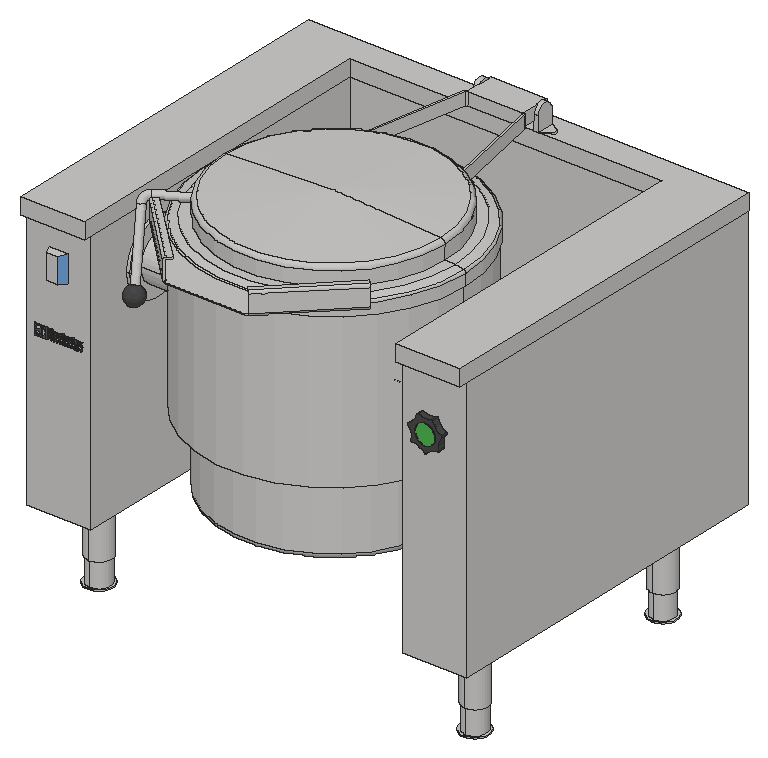
Revit family "QF_ELECTROLUXPROFESSIONAL_587186_PBOT06TCJO", category Attrezzature speciali, Revit 2020
Family settings
  Quota connettore circolare = Usa diametro
  Tipo di parte = Normale
  Basato su piano di lavoro = No
  Sempre verticale = Sì
  Taglio con vuoti quando caricato = No
  Condiviso = No
  Punto di calcolo locali = No
Parameters (values of type "Standard")
  Weight = 170.00 kg
  Watts = 200 W
  Volts = 230 V
  URL Manufacturer = "https://www.electroluxprofessional.com/"
  URL = "https://www.electroluxprofessional.com/"
  Steam Supply Size = 25.4 mm
  Steam Supply Minimum Pressure = 3.28084 Pa
  Steam Supply Maximum Pressure = 4.92126 Pa
  Steam Consumption per Hour = 40
  Refrigeration Suction Line Size = 0.0 mm
  Refrigeration Liquid Line Size = 0.0 mm
  Refrigerant Compressor Remote = yes
  Prospetto di default = 0.0 mm
  Produttore = "Electrolux Professional"
  Phase = 1
  Modello = "PBOT06TCJO"
  Length Actual = 1100.0 mm  # constant formula
  Item Number = "587186"
  Hot Water Size = 12.7 mm
  Height Actual = 700.0 mm  # constant formula
  HP = "0.3 HP"
  Gas Size = 0 mm
  Gas KW = 0
  Gas Input Pressure = 0 W
  Direct Waste Size = 0 mm
  Descrizione = "STEAM (MAN) BOILING PAN, TILTING,60LT,230V,FS,MARINE"
  Depth Actual = 900.0 mm  # constant formula
  Cycle = 50 Hz
  Condensate Return Size = 25.4 mm
  Compressed Air Volume = 0.0 L/s
  Compressed Air Size = 0 mm
  Compressed Air Pressure = 0.0 Pa
  Cold Water Size = 12.7 mm
  Accessory = yes
Reference planes
  plane 1 "Center (Front/Back)": y = 0
  plane 2: z = 0
  plane 3 "Center (Left/Right)": x = 0
  plane 4 "LEFT": x = -550
  plane 5 "RIGHT": x = 550
  plane 6 "BACK": y = 450
  plane 7 "FRONT": y = -450
  plane 8 "Base": z = 200
  plane 9 "TOP": z = 900
  plane 10: x = -390
  plane 11: x = 390
  plane 12 "Axe_PentolaY": y = -230
  plane 13 "AxePentolaZ": z = 730
  plane 14 "PLANE_TOP": z = 860
  plane 15: y = 380
  plane 16: x = -324.5
  plane 17: z = 880
  plane 18: z = 495
  plane 19: z = 295
  plane 20: x = -278.5
  plane 21: y = -558
  plane 22 "CentroPentolaY": y = -158
  plane 23 "TopCoperchio": z = 981
  plane 24 "Versamento": z = 910
  plane 25 "V1": through (-107.18, -558, 4000) normal (-0.7071, -0.7071, 0)
  plane 26 "V2": through (107.18, -558, 4000) normal (-0.7071, 0.7071, 0)
  plane 27 "Gfront": y = -1300
  plane 28 "LEVEL": through (-245.562, -289.383, 4000) normal (0.866, 0.5, 0)
  plane 29 "GRight": x = 250
  plane 30 "GLeft": x = -250
  plane 31 "Gback": y = -100
  plane 32: z = 1756
  plane 33 "Ribaltamento": y = -623
  plane 34: x = -470
  plane 35: x = 470
Forms (mm)
  Revolve 1, solid, material "QF_Finishes_Stainless Steel"
    sketch origin (0, 0, 730) x (-1, 0, 0) y (0, -1, 0)
      loop
        line (390, 230) -> (-390, 230) -> (-390, 140) -> (-380, 140) -> (-380, 173) -> (380, 173) -> (380, 140) -> (390, 140) -> (390, 230)
      axis (390, 230) -> (-390, 230)
    angle from 0 to 360
  Extrusion 2, solid, material "QF_Finishes_Stainless Steel"
    sketch origin (0, 0, 860) x (-1, 0, 0) y (0, -1, 0)
      loop
        line (550, 450) -> (390, 450) -> (390, -380) -> (-390, -380) -> (-390, 450) -> (-550, 450) -> (-550, -450) -> (550, -450) -> (550, 450)
    from 0 to 40
  Extrusion 3, solid, material "QF_Finishes_Stainless Steel"
    sketch origin (0, 0, 860) x (-1, 0, 0) y (0, -1, 0)
      loop
        line (390, -380) -> (-390, -380) -> (-390, -450) -> (390, -450) -> (390, -380)
    from 0 to -360
  Revolve 4, solid, material "QF_Finishes_Stainless Steel"
    sketch origin (0, -158, 0) x (-1, 0, 0) y (0, 0, 1)
      loop
        line (0, 880) -> (0, 295)
        arc (0, 295) -> (134.311, 298.607) -> (268.234, 309.425) r 2500
        arc (268.234, 309.425) -> (275.557, 313.176) -> (278.5, 320.859) r 11.5
        line (278.5, 320.859) -> (278.5, 495) -> (324.5, 495) -> (324.5, 880) -> (0, 880)
      axis (0, 880) -> (0, 295)
    angle from 0 to 360
  Revolve 5, solid, material "QF_Finishes_Stainless Steel"
    sketch origin (0, -158, 0) x (-1, 0, 0) y (0, 0, 1)
      loop
        line (329.5, 880) -> (329.5, 908.417)
        arc (329.5, 908.417) -> (328.283, 912.04) -> (325.126, 914.193) r 6
        line (325.126, 914.193) -> (304.5, 920) -> (278.5, 920) -> (278.5, 954.728)
        arc (278.5, 954.728) -> (275.569, 962.398) -> (268.269, 966.158) r 11.5
        arc (268.269, 966.158) -> (134.339, 977.287) -> (0, 981) r 2431.82
        line (0, 981) -> (0, 880) -> (329.5, 880)
      axis (0, 981) -> (0, 880)
    angle from 0 to 360
  Extrusion 6, solid, material "QF_Finishes_Stainless Steel"
    sketch origin (0, 0, 910) x (-1, 0, 0) y (0, -1, 0)
      loop
        line (252.412, 369.799) -> (271.162, 385.532) -> (98.694, 558) -> (-98.694, 558) -> (-102.937, 553.757) -> (-271.162, 385.532) -> (-252.412, 369.799)
        arc (-252.412, 369.799) -> (0, 487.5) -> (252.412, 369.799) r 329.5
    from 0 to 3
  Sweep 7, solid, material "QF_Finishes_Stainless Steel"
    path origin (0, 0, 910) x (-1, 0, 0) y (0, -1, 0)
      loop
        line (107.18, 558) -> (275.776, 389.404)
    profile origin (-191.478, -473.702, 910) x (-0.707107, -0.707107, 0) y (0, 0, 1)
      loop
        arc (-6, 0) -> (-1.757, 1.757) -> (0, 6) r 6
        line (0, 6) -> (0, 50)
        arc (0, 50) -> (-1.757, 54.243) -> (-6, 56) r 6
        line (-6, 56) -> (-19, 56) -> (-19, 53) -> (-6, 53)
        arc (-6, 53) -> (-3.879, 52.121) -> (-3, 50) r 3
        line (-3, 50) -> (-3, 6)
        arc (-3, 6) -> (-3.879, 3.879) -> (-6, 3) r 3
        line (-6, 3) -> (-19, 3) -> (-19, 0) -> (-6, 0)
  Sweep 8, solid, material "QF_Finishes_Stainless Steel"
    path origin (0, 0, 910) x (-1, 0, 0) y (0, -1, 0)
      loop
        line (-107.18, 558) -> (-275.776, 389.404)
    profile origin (191.478, -473.702, 910) x (-0.707107, 0.707107, 0) y (0, 0, 1)
      loop
        arc (0, 6) -> (1.757, 1.757) -> (6, 0) r 6
        line (6, 0) -> (19, 0) -> (19, 3) -> (6, 3)
        arc (6, 3) -> (3.879, 3.879) -> (3, 6) r 3
        line (3, 6) -> (3, 50)
        arc (3, 50) -> (3.879, 52.121) -> (6, 53) r 3
        line (6, 53) -> (19, 53) -> (19, 56) -> (6, 56)
        arc (6, 56) -> (1.757, 54.243) -> (0, 50) r 6
        line (0, 50) -> (0, 6)
  Extrusion 9, solid, material "QF_Finishes_Stainless Steel"
    sketch origin (0, 0, 0) x (0, 1, 0) y (0, 0, 1)
      loop
        line (420, 900) -> (420, 938.813)
        arc (420, 938.813) -> (400, 958.813) -> (380, 938.813) r 20
        line (380, 938.813) -> (380, 900) -> (420, 900)
    from -70 to -82
  Extrusion 10, solid, material "QF_Finishes_Stainless Steel"
    sketch origin (0, 0, 900) x (0, 1, 0) y (-1, 0, 0)
      loop
        arc (340.954, 71.665) -> (343.858, 69.937) -> (345, 66.757) r 5
        line (345, 66.757) -> (345, -66.757)
        arc (345, -66.757) -> (343.858, -69.937) -> (340.954, -71.665) r 5
        line (340.954, -71.665) -> (93.426, -119.779)
        arc (93.426, -119.779) -> (92.062, -122.602) -> (90.666, -125.409) r 278.5
        line (90.666, -125.409) -> (341.908, -76.573)
        arc (341.908, -76.573) -> (346.566, -74.299) -> (349.459, -70) r 10
        line (349.459, -70) -> (420, -70) -> (420, 70) -> (349.459, 70)
        arc (349.459, 70) -> (346.566, 74.299) -> (341.908, 76.573) r 10
        line (341.908, 76.573) -> (90.666, 125.409)
        arc (90.666, 125.409) -> (92.062, 122.602) -> (93.426, 119.779) r 278.5
        line (93.426, 119.779) -> (340.954, 71.665)
    from 23.419 to 54.644
  Extrusion 11, solid, material "QF_Finishes_Stainless Steel"
    sketch origin (0, 0, 0) x (0, 1, 0) y (0, 0, 1)
      loop
        line (420, 900) -> (420, 938.813)
        arc (420, 938.813) -> (400, 958.813) -> (380, 938.813) r 20
        line (380, 938.813) -> (380, 900) -> (420, 900)
    from 70 to 82
  Extrusion 12, solid, material "QF_Finishes_Stainless Steel"
    sketch origin (0, 0, 900) x (0, 1, 0) y (-1, 0, 0)
      loop
        arc (391.973, -103.927) -> (400, -108.689) -> (408.027, -103.927) r 9.146
        line (408.027, -103.927) -> (420, -82) -> (380, -82) -> (391.973, -103.927)
      loop
        line (391.973, 103.927) -> (380, 82) -> (420, 82) -> (408.027, 103.927)
        arc (408.027, 103.927) -> (400, 108.689) -> (391.973, 103.927) r 9.146
    from 0 to 3
  Extrusion 13, solid, material "QF_Door-Drawer Clearances", detail levels coarse
    sketch origin (0, 0, 0) x (0, 1, 0) y (0, 0, 1)
      loop
        line (420, 954.644) -> (-100, 1756.433)
        arc (-100, 1756.433) -> (-429.239, 1419.298) -> (-558, 966) r 958.386
        line (-558, 966) -> (-427.491, 966)
        arc (-427.491, 966) -> (-426.775, 966.163) -> (-426.05, 966.281) r 12.073
        arc (-426.05, 966.281) -> (-158, 981) -> (110.05, 966.281) r 2448.189
        arc (110.05, 966.281) -> (117.432, 962.392) -> (120.529, 954.644) r 12.073
        line (120.529, 954.644) -> (420, 954.644)
    from -125 to 125
  Extrusion 14, solid, material "QF_Door-Drawer Clearances", detail levels coarse
    sketch origin (0, 0, 0) x (0, 1, 0) y (0, 0, 1)
      loop
        arc (-558, 946.483) -> (-618.885, 673.279) -> (-482.5, 428.848) r 393
        line (-482.5, 428.848) -> (-482.5, 880) -> (-487.5, 880) -> (-487.5, 910) -> (-553.757, 910)
        spline (-553.757, 910) -> (-554.311, 910.051) -> (-554.855, 910.204) -> (-555.381, 910.457) -> (-555.879, 910.804) -> (-556.34, 911.24) -> (-556.757, 911.757) -> (-557.123, 912.347) -> (-557.432, 913) -> (-557.677, 913.704) -> (-557.855, 914.447) -> (-557.964, 915.217) -> (-558, 916)
        line (-558, 916) -> (-558, 946.483)
    from -100 to 100
Cuts and joins
  joined: Extrusion 6, Sweep 7, Sweep 8
Lines and regions (mm)
  symbolic lines
    curve 1: line (550, 450, 900) -> (-550, 450, 900)
    curve 2: line (550, -450, 900) -> (550, 450, 900)
    curve 3: line (-550, 450, 900) -> (-550, -450, 900)
    curve 4: line (-550, -450, 900) -> (-390, -450, 900)
    curve 5: line (-390, -450, 900) -> (-390, 380, 900)
    curve 6: line (390, 380, 900) -> (390, -450, 900)
    curve 7: line (390, -450, 900) -> (550, -450, 900)
    curve 8: line (380, -140, 900) -> (380, -320, 900)
    curve 9: line (-380, -140, 900) -> (-380, -320, 900)
    curve 10: arc (329.5, -158, 900) -> (0, 171.5, 900) -> (-329.5, -158, 900) r 329.5
    curve 11: arc (-280.749, -330.483, 900) -> (285.355, 6.75, 900) -> (-289.749, -314.894, 900) r 329.5
    curve 12: circle (0, -158, 900) r 278.5 normal (0, 0, 1)
    curve 13: arc (-259.09, -317.978, 900) -> (263.705, -5.75, 900) -> (-268.09, -302.389, 900) r 304.5
    curve 14: line (-380, -140, 900) -> (-390, -140, 900)
    curve 15: line (-380, -320, 900) -> (-390, -320, 900)
    curve 16: line (380, -140, 900) -> (390, -140, 900)
    curve 17: line (380, -320, 900) -> (390, -320, 900)
    curve 18: line (-70, 349.459, 900) -> (-70, 420, 900)
    curve 19: line (-82, 420, 900) -> (82, 420, 900)
    curve 20: line (70, 420, 900) -> (70, 349.459, 900)
    curve 21: line (-119.779, 93.426, 900) -> (-71.665, 340.954, 900)
    curve 22: line (-76.573, 341.908, 900) -> (-125.409, 90.666, 900)
    curve 23: line (71.665, 340.954, 900) -> (119.779, 93.426, 900)
    curve 24: line (-66.757, 345, 900) -> (66.757, 345, 900)
    curve 25: line (125.409, 90.666, 900) -> (76.573, 341.908, 900)
    curve 26: arc (-70, 349.459, 900) -> (-74.299, 346.566, 900) -> (-76.573, 341.908, 900) r 10
    curve 27: arc (-71.665, 340.954, 900) -> (-69.937, 343.858, 900) -> (-66.757, 345, 900) r 5
    curve 28: arc (66.757, 345, 900) -> (69.937, 343.858, 900) -> (71.665, 340.954, 900) r 5
    curve 29: arc (76.573, 341.908, 900) -> (74.299, 346.566, 900) -> (70, 349.459, 900) r 10
    curve 30: line (107.18, -558, 900) -> (-107.18, -558, 900)
    curve 31: line (-107.18, -558, 900) -> (-275.776, -389.404, 900)
    curve 32: line (-275.776, -389.404, 900) -> (-262.341, -375.969, 900)
    curve 33: line (-262.341, -375.969, 900) -> (-93.745, -544.565, 900)
    curve 34: line (-93.745, -544.565, 900) -> (-107.18, -558, 900)
    curve 35: line (107.18, -558, 900) -> (93.745, -544.565, 900)
    curve 36: line (93.745, -544.565, 900) -> (262.341, -375.969, 900)
    curve 37: line (262.341, -375.969, 900) -> (275.776, -389.404, 900)
    curve 38: line (275.776, -389.404, 900) -> (107.18, -558, 900)
    curve 39: line (261.166, -377.144, 900) -> (252.412, -369.799, 900)
    curve 40: line (-261.166, -377.144, 900) -> (-252.412, -369.799, 900)
    curve 41: line (-103.927, 391.973, 900) -> (-82, 380, 900)
    curve 42: arc (-103.927, 408.027, 900) -> (-108.689, 400, 900) -> (-103.927, 391.973, 900) r 9.146
    curve 43: line (-82, 420, 900) -> (-103.927, 408.027, 900)
    curve 44: line (-82, 420, 900) -> (-82, 380, 900)
    curve 45: line (82, 380, 900) -> (82, 420, 900)
    curve 46: line (103.927, 408.027, 900) -> (82, 420, 900)
    curve 47: arc (103.927, 391.973, 900) -> (108.689, 400, 900) -> (103.927, 408.027, 900) r 9.146
    curve 48: line (82, 380, 900) -> (103.927, 391.973, 900)
    curve 54: line (-390, 380, 900) -> (-70, 380, 900)
    curve 55: line (390, 380, 900) -> (70, 380, 900)
    curve 56: line (-380, -172.761, 900) -> (-329.169, -172.761, 900)
    curve 57: line (-380, -286.868, 900) -> (-303.254, -286.868, 900)
    curve 58: line (380, -172.761, 900) -> (329.169, -172.761, 900)
    curve 59: line (380, -286.868, 900) -> (303.254, -286.868, 900)
  symbolic lines, style "SpecialityEquipmentHiddenLines"
    curve 49: line (-250, -1300, 900) -> (250, -1300, 900)
    curve 50: line (-250, -100, 900) -> (-250, -1300, 900)
    curve 51: line (250, -100, 900) -> (-250, -100, 900)
    curve 52: line (250, -1300, 900) -> (250, -100, 900)
    curve 76: line (0, -1165.484, 900) -> (0, -1135.484, 900)
    curve 77: line (-15, -1150.484, 900) -> (15, -1150.484, 900)
  symbolic lines, style "SpecialityEquipment"
    curve 53: circle (0, -1150.484, 900) r 15 normal (0, 0, 1)
    curve 60: line (210, -1300, 900) -> (210, -1100, 900)
    curve 61: line (170, -1300, 900) -> (170, -1140, 900)
    curve 62: line (130, -1300, 900) -> (130, -1180, 900)
    curve 63: line (90, -1300, 900) -> (90, -1220, 900)
    curve 64: line (90, -1260, 900) -> (250, -1260, 900)
    curve 65: line (130, -1220, 900) -> (250, -1220, 900)
    curve 66: line (170, -1180, 900) -> (250, -1180, 900)
    curve 67: line (210, -1140, 900) -> (250, -1140, 900)
    curve 68: line (-210, -1300, 900) -> (-210, -1100, 900)
    curve 69: line (-170, -1300, 900) -> (-170, -1140, 900)
    curve 70: line (-130, -1300, 900) -> (-130, -1180, 900)
    curve 71: line (-90, -1300, 900) -> (-90, -1220, 900)
    curve 72: line (-90, -1260, 900) -> (-250, -1260, 900)
    curve 73: line (-130, -1220, 900) -> (-250, -1220, 900)
    curve 74: line (-170, -1180, 900) -> (-250, -1180, 900)
    curve 75: line (-210, -1140, 900) -> (-250, -1140, 900)
Dimensions and locks
  plane 4 "LEFT" to plane 5 "RIGHT" = 1100.0 mm
  equal spacing: plane 4 "LEFT", plane 3 "Center (Left/Right)", plane 5 "RIGHT"
  equal spacing: plane 6 "BACK", plane 1 "Center (Front/Back)", plane 7 "FRONT"
  plane 6 "BACK" to plane 7 "FRONT" = 900.0 mm
  plane 8 "Base" to level = 200.0 mm
  plane 9 "TOP" to level = 900.0 mm
  plane 9 "TOP" to plane 8 "Base" = 700.0 mm
  locked: plane 4 "LEFT" to plane 10 at 160
  locked: plane 11 to plane 5 "RIGHT" at 160
  locked: plane 6 "BACK" to plane 12 "Axe_PentolaY" at 680
  locked: plane 13 "AxePentolaZ" to plane 8 "Base" at 530
  locked: Revolve 1 sketch curve to Revolve 1 sketch curve at 57
  locked: Revolve 1 sketch curve to Revolve 1 sketch curve at 90
  locked: plane 10 to Revolve 1 sketch curve at 10
  locked: Revolve 1 sketch curve to plane 11 at 10
  locked: plane 9 "TOP" to plane 14 "PLANE_TOP" at 40
  plane 6 "BACK" to plane 15 = 70.0 mm
  locked: plane 17 to plane 13 "AxePentolaZ" at 150
  locked: plane 13 "AxePentolaZ" to plane 18 at 235
  locked: plane 18 to plane 19 at 200
  locked: plane 3 "Center (Left/Right)" to plane 16 at 324.5
  locked: plane 3 "Center (Left/Right)" to plane 20 at 278.5
  Revolve 5 sketch curve to plane 17 = 40.0 mm
  locked: plane 16 to Revolve 5 sketch curve at 5
  plane 6 "BACK" to plane 21 = 1008.0 mm
  locked: plane 6 "BACK" to plane 22 "CentroPentolaY" at 608
  locked: plane 23 "TopCoperchio" to plane 9 "TOP" at 81
  locked: plane 24 "Versamento" to level at 910
  plane 6 "BACK" to plane 27 "Gfront" = 1750.0 mm
  locked: plane 30 "GLeft" to plane 3 "Center (Left/Right)" at 250
  locked: plane 3 "Center (Left/Right)" to plane 29 "GRight" at 250
  plane 6 "BACK" to plane 31 "Gback" = 550.0 mm
  plane 32 to plane 9 "TOP" = 856.0 mm
  plane 6 "BACK" to plane 33 "Ribaltamento" = 1073.0 mm
  equal spacing: plane 10, plane 34, plane 4 "LEFT"
  equal spacing: plane 5 "RIGHT", plane 35, plane 11
  aligned and locked: level to plane 2
  aligned and locked: plane 5 "RIGHT" to nested 2
  aligned and locked: plane 4 "LEFT" to nested 1
  aligned and locked: plane 8 "Base" to nested 1
  aligned and locked: plane 8 "Base" to nested 2
  aligned and locked: plane 6 "BACK" to nested 2
  aligned and locked: plane 6 "BACK" to nested 1
  aligned and locked: plane 10 to Revolve 1 sketch curve
  aligned and locked: plane 11 to Revolve 1 sketch curve
  aligned and locked: plane 4 "LEFT" to Extrusion 2 sketch curve
  aligned and locked: Extrusion 2 sketch curve to plane 10
  aligned and locked: plane 7 "FRONT" to Extrusion 2 sketch curve  (x2)
  aligned and locked: Extrusion 2 sketch curve to plane 5 "RIGHT"
  aligned and locked: plane 11 to Extrusion 2 sketch curve
  aligned and locked: Extrusion 2 sketch curve to plane 6 "BACK"
  aligned and locked: plane 15 to Extrusion 2 sketch curve
  aligned and locked: Extrusion 3 sketch curve to plane 10
  aligned and locked: plane 6 "BACK" to Extrusion 3 sketch curve
  aligned and locked: plane 11 to Extrusion 3 sketch curve
  aligned and locked: Extrusion 3 sketch curve to plane 15
  aligned and locked: plane 3 "Center (Left/Right)" to Revolve 4 sketch curve
  aligned and locked: Revolve 4 sketch curve to plane 20
  aligned and locked: Revolve 4 sketch curve to plane 18
  aligned and locked: Revolve 4 sketch curve to plane 16
  aligned and locked: plane 17 to Revolve 4 sketch curve
  aligned and locked: Revolve 5 sketch curve to plane 17
  aligned and locked: Extrusion 9 sketch curve to plane 15
  aligned and locked: Extrusion 9 sketch curve to Extrusion 2
  aligned and locked: curve 49 to plane 27 "Gfront"
  aligned and locked: curve 50 to plane 30 "GLeft"
  aligned and locked: plane 29 "GRight" to curve 52
  aligned and locked: plane 31 "Gback" to curve 51
  aligned and locked: plane 34 to nested 3
  aligned and locked: plane 35 to nested 4
Automatic sketch dimensions
  Revolve 1 sketch curve to plane 12 "Axe_PentolaY" = 0.0 mm  (x2)
  plane 22 "CentroPentolaY" to Revolve 1 sketch curve = 18.0 mm
  plane 5 "RIGHT" to Revolve 1 sketch curve = 432.098 mm
  Revolve 1 sketch curve to plane 4 "LEFT" = 580.148 mm
  Revolve 4 sketch curve to plane 3 "Center (Left/Right)" = 0.0 mm
  Revolve 4 sketch curve to plane 19 = 0.0 mm
  Revolve 4 sketch curve to plane 3 "Center (Left/Right)" = 0.059 mm
  Revolve 4 sketch curve to Revolve 4 sketch curve = 11.5 mm
  plane 19 to Revolve 4 sketch curve = 25.859 mm
  plane 23 "TopCoperchio" to Revolve 4 sketch curve = 1814.0 mm
  level to Revolve 4 sketch curve = 60.0 mm
  plane 23 "TopCoperchio" to Revolve 4 sketch curve = 179.0 mm
  Revolve 5 sketch curve to plane 3 "Center (Left/Right)" = 0.0 mm  (x2)
  plane 20 to Revolve 5 sketch curve = 0.0 mm
  Revolve 5 sketch curve to plane 23 "TopCoperchio" = 0.0 mm
  Revolve 5 sketch curve to Revolve 5 sketch curve = 11.5 mm
  plane 16 to Revolve 5 sketch curve = 20.0 mm
  plane 16 to Revolve 5 sketch curve = 1.0 mm
  Revolve 5 sketch curve to plane 16 = 0.626 mm
  Revolve 5 sketch curve to level = 1450.82 mm
  Revolve 5 sketch curve to plane 24 "Versamento" = 1.583 mm
  Revolve 5 sketch curve to plane 23 "TopCoperchio" = 26.272 mm
  Revolve 5 sketch curve to plane 18 = 95.0 mm
  plane 23 "TopCoperchio" to Revolve 5 sketch curve = 179.0 mm
  Sweep 7 sketch curve to plane 21 = 0.0 mm
  plane 25 "V1" to Sweep 7 sketch curve = 0.0 mm  (x2)
  plane 20 to Sweep 7 sketch curve = 2.724 mm
  Sweep 7 sketch curve to Sweep 7 sketch curve = 0.0 mm  (x4)
  plane 24 "Versamento" to Sweep 7 sketch curve = 0.0 mm
  Sweep 7 sketch curve to profile plane = 0.0 mm
  Sweep 7 sketch curve to Sweep 7 sketch curve = 3.0 mm  (x3)
  Sweep 7 sketch curve to Sweep 7 sketch curve = 13.0 mm  (x2)
  Sweep 7 sketch curve to Sweep 7 sketch curve = 44.0 mm
  Sweep 8 sketch curve to plane 26 "V2" = 0.0 mm  (x2)
  Sweep 8 sketch curve to plane 21 = 0.0 mm
  plane 29 "GRight" to Sweep 8 sketch curve = 25.776 mm
  Sweep 8 sketch curve to Sweep 8 sketch curve = 0.0 mm  (x4)
  Sweep 8 sketch curve to profile plane = 0.0 mm
  plane 24 "Versamento" to Sweep 8 sketch curve = 0.0 mm
  Sweep 8 sketch curve to Sweep 8 sketch curve = 3.0 mm  (x2)
  Sweep 8 sketch curve to profile plane = 6.0 mm
  Sweep 8 sketch curve to Sweep 8 sketch curve = 13.0 mm  (x2)
  Sweep 8 sketch curve to Sweep 8 sketch curve = 44.0 mm
  plane 15 to Extrusion 9 sketch curve = 20.0 mm
  plane 24 "Versamento" to Extrusion 9 sketch curve = 28.813 mm
  Extrusion 10 sketch curve to Extrusion 10 sketch curve = 0.0 mm  (x6)
  Extrusion 10 sketch curve to plane 3 "Center (Left/Right)" = 0.0 mm
  Extrusion 10 sketch curve to plane 22 "CentroPentolaY" = 0.0 mm
  Extrusion 10 sketch curve to plane 1 "Center (Front/Back)" = 90.666 mm  (x2)
  Extrusion 10 sketch curve to Extrusion 10 sketch curve = 2.76 mm  (x2)
  Extrusion 10 sketch curve to plane 15 = 40.0 mm  (x2)
  Extrusion 10 sketch curve to Extrusion 10 sketch curve = 0.954 mm  (x4)
  Extrusion 10 sketch curve to Extrusion 10 sketch curve = 5.0 mm
  Extrusion 10 sketch curve to Extrusion 10 sketch curve = 4.459 mm  (x2)
  Extrusion 10 sketch curve to plane 6 "BACK" = 30.0 mm
  plane 3 "Center (Left/Right)" to Extrusion 10 sketch curve = 66.757 mm
  plane 3 "Center (Left/Right)" to Extrusion 10 sketch curve = 70.0 mm
  plane 3 "Center (Left/Right)" to Extrusion 10 sketch curve = 119.779 mm
  Extrusion 10 sketch curve to plane 3 "Center (Left/Right)" = 66.757 mm
  Extrusion 10 sketch curve to Extrusion 10 sketch curve = 3.243 mm
  Extrusion 10 sketch curve to plane 3 "Center (Left/Right)" = 119.779 mm
  Extrusion 11 sketch curve to plane 9 "TOP" = 0.0 mm
  Extrusion 11 sketch curve to plane 15 = 0.0 mm
  plane 15 to Extrusion 11 sketch curve = 20.0 mm
  plane 24 "Versamento" to Extrusion 11 sketch curve = 28.813 mm
  Extrusion 12 sketch curve to plane 15 = 0.0 mm  (x2)
  plane 15 to Extrusion 12 sketch curve = 11.973 mm  (x2)
  Extrusion 12 sketch curve to Extrusion 12 sketch curve = 8.027 mm  (x4)
  Extrusion 12 sketch curve to Extrusion 12 sketch curve = 11.973 mm  (x2)
  plane 3 "Center (Left/Right)" to Extrusion 12 sketch curve = 103.927 mm
  Extrusion 12 sketch curve to Extrusion 12 sketch curve = 4.383 mm  (x2)
  Extrusion 12 sketch curve to Extrusion 12 sketch curve = 21.927 mm
  Extrusion 12 sketch curve to plane 3 "Center (Left/Right)" = 82.0 mm
  Extrusion 12 sketch curve to Extrusion 12 sketch curve = 17.543 mm
  Extrusion 13 sketch curve to plane 22 "CentroPentolaY" = 0.0 mm
  Extrusion 13 sketch curve to plane 31 "Gback" = 0.0 mm
  plane 7 "FRONT" to Extrusion 13 sketch curve = 22.509 mm
  Extrusion 13 sketch curve to Extrusion 13 sketch curve = 3.031 mm
  Extrusion 13 sketch curve to plane 23 "TopCoperchio" = 26.686 mm
  Extrusion 13 sketch curve to plane 1 "Center (Front/Back)" = 108.46 mm
  Extrusion 13 sketch curve to Extrusion 13 sketch curve = 12.068 mm
  Extrusion 13 sketch curve to level = 1467.189 mm
  Extrusion 13 sketch curve to Extrusion 13 sketch curve = 11.686 mm
  Extrusion 13 sketch curve to Extrusion 13 sketch curve = 1.441 mm
  plane 32 to Extrusion 13 sketch curve = 0.433 mm
  Extrusion 13 sketch curve to plane 21 = 0.0 mm
  plane 15 to Extrusion 13 sketch curve = 20.0 mm
  Extrusion 13 sketch curve to Extrusion 13 sketch curve = 20.0 mm
  Extrusion 13 sketch curve to Extrusion 13 sketch curve = 15.501 mm
  Extrusion 13 sketch curve to Extrusion 13 sketch curve = 0.331 mm
  Extrusion 14 sketch curve to plane 21 = 0.0 mm
  Extrusion 14 sketch curve to plane 24 "Versamento" = 0.0 mm
  Extrusion 14 sketch curve to plane 17 = 0.0 mm
  Extrusion 14 sketch curve to plane 12 "Axe_PentolaY" = 0.0 mm
  Extrusion 14 sketch curve to plane 13 "AxePentolaZ" = 0.0 mm
  Extrusion 14 sketch curve to plane 7 "FRONT" = 37.5 mm
  Extrusion 14 sketch curve to plane 7 "FRONT" = 32.5 mm
  Extrusion 14 sketch curve to plane 18 = 66.152 mm
  plane 21 to Extrusion 14 sketch curve = 4.243 mm
  Extrusion 14 sketch curve to Extrusion 14 sketch curve = 4.243 mm
  plane 24 "Versamento" to Extrusion 14 sketch curve = 6.0 mm
  Extrusion 14 sketch curve to Extrusion 14 sketch curve = 0.0 mm
  Extrusion 6 sketch curve to plane 3 "Center (Left/Right)" = 0.0 mm
  Extrusion 6 sketch curve to plane 21 = 0.0 mm
  Extrusion 6 sketch curve to plane 22 "CentroPentolaY" = 0.0 mm
  plane 3 "Center (Left/Right)" to Extrusion 6 sketch curve = 98.694 mm
  plane 21 to Extrusion 6 sketch curve = 4.243 mm
  Extrusion 6 sketch curve to Extrusion 6 sketch curve = 4.243 mm
  plane 29 "GRight" to Extrusion 6 sketch curve = 2.412 mm
  plane 29 "GRight" to Extrusion 6 sketch curve = 21.162 mm
  Extrusion 6 sketch curve to plane 30 "GLeft" = 2.412 mm
  plane 20 to Extrusion 6 sketch curve = 7.338 mm
  plane 7 "FRONT" to Extrusion 6 sketch curve = 80.201 mm
  Extrusion 6 sketch curve to Extrusion 6 sketch curve = 15.734 mm  (x2)
  Extrusion 6 sketch curve to plane 3 "Center (Left/Right)" = 98.694 mm
  curve 10 to curve 11 = 0.0 mm  (x4)
  curve 10 to curve 12 = 0.0 mm  (x3)
  curve 10 to curve 13 = 0.0 mm  (x4)
  curve 26 to curve 27 = 0.0 mm  (x2)
  curve 28 to curve 29 = 0.0 mm  (x2)
  curve 76 to plane 3 "Center (Left/Right)" = 0.0 mm
  curve 53 to plane 3 "Center (Left/Right)" = 0.0 mm
  curve 35 to plane 21 = 0.0 mm
  curve 5 to plane 7 "FRONT" = 0.0 mm
  curve 7 to plane 5 "RIGHT" = 0.0 mm
  curve 7 to plane 7 "FRONT" = 0.0 mm
  plane 25 "V1" to curve 32 = 0.0 mm
  curve 38 to plane 26 "V2" = 0.0 mm  (x2)
  curve 17 to plane 11 = 0.0 mm
  curve 15 to plane 10 = 0.0 mm
  curve 55 to plane 15 = 0.0 mm
  curve 54 to plane 15 = 0.0 mm
  curve 2 to plane 6 "BACK" = 0.0 mm
  plane 25 "V1" to curve 31 = 0.0 mm
  curve 3 to plane 4 "LEFT" = 0.0 mm
  plane 27 "Gfront" to curve 53 = 149.516 mm
  plane 21 to curve 33 = 13.435 mm
  plane 21 to curve 35 = 13.435 mm
  plane 20 to curve 32 = 2.724 mm
  plane 29 "GRight" to curve 38 = 25.776 mm
  plane 10 to curve 9 = 10.0 mm
  curve 9 to plane 12 "Axe_PentolaY" = 90.0 mm
  curve 8 to plane 11 = 10.0 mm
  curve 8 to plane 12 "Axe_PentolaY" = 90.0 mm
  plane 22 "CentroPentolaY" to curve 8 = 18.0 mm
  plane 22 "CentroPentolaY" to curve 14 = 18.0 mm
  curve 26 to plane 15 = 40.0 mm
  curve 28 to plane 15 = 40.0 mm
  curve 26 to curve 21 = 0.954 mm
  curve 28 to curve 23 = 0.954 mm
  curve 27 to curve 22 = 0.954 mm
  curve 28 to curve 25 = 0.954 mm
  curve 26 to curve 24 = 5.0 mm
  curve 24 to curve 20 = 4.459 mm
  curve 27 to curve 18 = 4.459 mm
  plane 15 to curve 48 = 11.973 mm
  plane 15 to curve 41 = 11.973 mm
  curve 42 to curve 42 = 8.027 mm
  curve 48 to curve 47 = 8.027 mm
  curve 42 to curve 43 = 8.027 mm
  curve 47 to curve 46 = 8.027 mm
  curve 43 to curve 43 = 11.973 mm
  plane 3 "Center (Left/Right)" to curve 48 = 103.927 mm
  curve 46 to curve 47 = 4.383 mm
  curve 46 to curve 45 = 21.927 mm
  curve 45 to curve 25 = 5.427 mm
  curve 25 to curve 23 = 4.908 mm
  curve 26 to plane 3 "Center (Left/Right)" = 66.757 mm
  curve 27 to curve 18 = 3.243 mm
  curve 18 to curve 44 = 12.0 mm
  curve 19 to curve 42 = 17.543 mm
  curve 42 to curve 41 = 4.383 mm
  curve 71 to curve 72 = 40.0 mm
  curve 63 to curve 64 = 40.0 mm
  curve 72 to curve 73 = 40.0 mm
  curve 64 to curve 65 = 40.0 mm
  curve 63 to curve 65 = 0.0 mm
  curve 73 to curve 71 = 0.0 mm
  curve 73 to curve 74 = 40.0 mm
  curve 65 to curve 62 = 40.0 mm
  curve 62 to curve 66 = 0.0 mm
  curve 74 to curve 70 = 0.0 mm
  curve 76 to curve 53 = 15.0 mm
  curve 77 to curve 53 = 0.0 mm
  curve 66 to curve 67 = 40.0 mm
  curve 74 to curve 75 = 40.0 mm
  curve 75 to curve 69 = 0.0 mm
  curve 61 to curve 67 = 0.0 mm
  curve 67 to curve 60 = 40.0 mm
  curve 75 to curve 68 = 40.0 mm
  curve 40 to plane 30 "GLeft" = 11.166 mm
  plane 29 "GRight" to curve 39 = 11.166 mm
  curve 40 to plane 30 "GLeft" = 2.412 mm
  curve 40 to curve 40 = 7.345 mm
  plane 29 "GRight" to curve 39 = 2.412 mm
  curve 11 to plane 20 = 2.249 mm
  curve 13 to plane 30 "GLeft" = 9.09 mm
  curve 11 to plane 20 = 11.249 mm
  plane 20 to curve 13 = 10.41 mm
  plane 29 "GRight" to curve 59 = 53.254 mm
  curve 9 to curve 57 = 33.132 mm
  curve 56 to plane 16 = 4.669 mm
  curve 58 to plane 22 "CentroPentolaY" = 14.761 mm
  curve 22 to plane 1 "Center (Front/Back)" = 90.666 mm
  curve 25 to plane 1 "Center (Front/Back)" = 90.666 mm
  curve 25 to curve 23 = 2.76 mm
  curve 22 to curve 21 = 2.76 mm
  curve 10 to curve 58 = 0.331 mm
  curve 67 to curve 67 = 40.0 mm
  curve 67 to curve 66 = 40.0 mm
  curve 61 to curve 62 = 40.0 mm
  plane 3 "Center (Left/Right)" to curve 25 = 125.409 mm
  curve 62 to curve 64 = 40.0 mm
  curve 71 to plane 3 "Center (Left/Right)" = 90.0 mm
  curve 71 to curve 73 = 40.0 mm
  curve 70 to curve 69 = 40.0 mm
  curve 68 to curve 49 = 40.0 mm
  curve 11 to curve 12 = 0.0 mm  (x2)
  curve 11 to curve 13 = 0.0 mm  (x2)
  curve 12 to curve 13 = 0.0 mm  (x2)
  curve 13 to plane 3 "Center (Left/Right)" = 0.0 mm
  curve 13 to plane 22 "CentroPentolaY" = 0.0 mm
  curve 11 to curve 13 = 12.505 mm
Nested families
  nested 1: "QF_ELECTROLUXPROFESSIONAL_PBOTSNB900_LEFT" at (-470, 0, 0), type "QF_ELECTROLUXPROFESSIONAL_PBOTSNB900_LEFT"
    with Body Finish QF_Finishes_Stainless Steel
  nested 2: "QF_ELECTROLUXPROFESSIONAL_PBOTSMAN900_RIGHT" at (470, 0, 0), type "QF_ELECTROLUXPROFESSIONAL_PBOTSMAN900_RIGHT"
    with Body Finish QF_Finishes_Stainless Steel
  nested 3: "QF_ELECTROLUXPROFESSIONAL_2FEET_THL_120xH200" at (-470, 0, 0), type "QF_ELECTROLUXPROFESSIONAL_2FEET_THL_120xH200"
  nested 4: "QF_ELECTROLUXPROFESSIONAL_2FEET_THL_120xH200" at (470, 0, 0), type "QF_ELECTROLUXPROFESSIONAL_2FEET_THL_120xH200"
  nested 5: "QF_ELECTROLUXPROFESSIONAL_PBOT900_LEVEL1" at (-241.188, -297.25, 940) x (0.866, 0.5, 0) z (0, 0, 1), type "QF_ELECTROLUXPROFESSIONAL_PBOT900_LEVEL1"
Connectors
  piping at (-500, 453, 395), diameter 12.7, driven by "Hot Water Size"
    settings: on nested 1, index 1, connector inside diameter 609.6 mm, connector length 0.0 mm, flow factor 0, pipe flow 0.0 L/s, pressure drop 0.0 Pa, fitting loss kfactor 0, connector angle 0.00°, fixture units 0, engagement length 0.0 mm, angle of deflection 0.00°, flow configuration 1, flow direction 1, fitting loss method 0, system type 19, joint type 0, gender type 0, connector reference index -1, connector utility 0, adjustable connector no, is connector primary yes, connector description "Hot Water Inlet"
  piping at (-440, 453, 395), diameter 12.7, driven by "Cold Water Size"
    settings: on nested 1, index 2, connector inside diameter 609.6 mm, connector length 0.0 mm, flow factor 0, pipe flow 0.0 L/s, pressure drop 0.0 Pa, fitting loss kfactor 0, connector angle 0.00°, fixture units 0, engagement length 0.0 mm, angle of deflection 0.00°, flow configuration 1, flow direction 1, fitting loss method 0, system type 20, joint type 0, gender type 0, connector reference index -1, connector utility 0, adjustable connector no, is connector primary no, connector description "Cold Water Inlet"
  electrical at (470, 450, 450), driven by "Volts"
    settings: on nested 2, index 3, voltage 230 V, apparent load 0 VA, apparent load phase1 0 VA, apparent load phase2 0 VA, apparent load phase3 0 VA, power factor 1, load classification "Other", number of poles 1, system type 30, power factor state 1, is connector primary yes, connector utility no, sub classification motor no, connector description "Electrical Connection"
  piping at (-470, 453, 340), diameter 25.4
    settings: on nested 1, index 4, connector inside diameter 609.6 mm, connector length 0.0 mm, flow factor 0, pipe flow 0.0 L/s, pressure drop 0.0 Pa, fitting loss kfactor 0, connector angle 0.00°, fixture units 0, engagement length 0.0 mm, angle of deflection 0.00°, flow configuration 1, flow direction 2, fitting loss method 0, system type 8, joint type 0, gender type 0, connector reference index -1, connector utility 0, adjustable connector no, is connector primary no, connector description "Steam Outlet"
  piping at (470, 453, 340), diameter 25.4
    settings: on nested 2, index 5, connector inside diameter 609.6 mm, connector length 0.0 mm, flow factor 0, pipe flow 0.0 L/s, pressure drop 0.0 Pa, fitting loss kfactor 0, connector angle 0.00°, fixture units 0, engagement length 0.0 mm, angle of deflection 0.00°, flow configuration 1, flow direction 1, fitting loss method 0, system type 7, joint type 0, gender type 0, connector reference index -1, connector utility 0, adjustable connector no, is connector primary no, connector description "Steam Inlet"
Definition of nested family "QF_ELECTROLUXPROFESSIONAL_PBOTSNB900_LEFT"
  Parameters
    Width = 160.0 mm
    Steam_z = 140.0 mm
    Steam_y = 239.0 mm
    Right = Width / 2  # 80.0 mm
    Default Elevation = 0.0 mm
    Left = -Width / 2  # -80.0 mm
    Htop = 40.0 mm
    Height = 900.0 mm
    HW_CW_z = 195.0 mm
    HW_CW_y = 312.0 mm
    HW_CW_Border = 50.0 mm
    HBase = 200.0 mm
    Depth = 900.0 mm
    BorderFront = 20.0 mm
    Body Finish [instance] = none
  Reference planes
    plane 1 "Center (Front/Back)": y = 0
    plane 2: z = 0
    plane 3 "Center (Left/Right)": x = 0
    plane 4 "LEFT": x = -80
    plane 5 "RIGHT": x = 80
    plane 6 "BACK": y = 450
    plane 7 "FRONT": y = -450
    plane 8 "TRAYSLIDER": y = -811.8
    plane 9 "Base": z = 200
    plane 10 "TOP": z = 900
    plane 11 "BorderFront": y = -430
    plane 12: z = 860
    plane 13 "HW_CW": y = 138
    plane 14: x = -30
    plane 15: x = 30
    plane 16 "SteamO": y = 211
    plane 17 "STEAM": z = 340
    plane 18 "CHW": z = 395
  Forms (mm)
    Extrusion 1, solid
      sketch origin (0, 0, 0) x (1, 0, 0) y (0, 1, 0)
        loop
          line (-80, 450) -> (-80, -430) -> (80, -430) -> (80, 450) -> (-80, 450)
      from 860 to 200
    Extrusion 2, solid, material <- "Body Finish"
      sketch origin (0, 450, 0) x (-1, 0, 0) y (0, 0, 1)
        loop
          circle (30, 395) r 6.35
        loop
          circle (-30, 395) r 6.35
      from 3 to 0
    Blend 3, solid, material <- "Body Finish"
      base sketch origin (0, -430, -0.233) x (-1, 0, 0) y (0, 0, 1)
        loop
          line (23.5, 800.233) -> (-23.5, 800.233) -> (-23.5, 733.433) -> (23.5, 733.433) -> (23.5, 800.233)
      top sketch origin (0, -430, -0.233) x (-1, 0, 0) y (0, 0, 1)
        loop
          line (13.448, 797.45) -> (-13.448, 797.45) -> (-13.448, 736.216) -> (13.448, 736.216) -> (13.448, 797.45)
      from 0 to -20
    Extrusion 4, solid
      sketch origin (-12.54, -430, 23) x (-1, 0, 0) y (0, 0, 1)
        loop
          line (5.327, 593.058) -> (5.327, 590.846) -> (11.437, 590.846) -> (11.437, 587.616) -> (5.692, 587.616) -> (5.692, 585.398) -> (11.437, 585.398) -> (11.437, 583.444)
          arc (11.437, 583.444) -> (10.839, 582.088) -> (9.435, 581.614) r 1.838
          line (9.435, 581.614) -> (5.163, 581.614) -> (5.163, 579.403) -> (9.986, 579.403)
          arc (9.986, 579.403) -> (12.674, 580.517) -> (13.788, 583.205) r 3.802
          line (13.788, 583.205) -> (13.788, 593.058) -> (5.327, 593.058)
        loop
          line (3.492, 593.058) -> (1.141, 593.058) -> (1.141, 579.403) -> (3.492, 579.403) -> (3.492, 593.058)
        loop
          line (-47.588, 593.058) -> (-49.941, 593.058) -> (-49.941, 579.403) -> (-47.588, 579.403) -> (-47.588, 593.058)
        loop
          arc (-2.749, 583.764) -> (-3.194, 582.272) -> (-4.489, 581.409) r 2.29
          arc (-4.489, 581.409) -> (-6.614, 581.225) -> (-8.443, 582.322) r 3.458
          line (-8.443, 582.322) -> (-9.836, 580.928)
          arc (-9.836, 580.928) -> (-7.685, 579.48) -> (-5.119, 579.102) r 5.86
          arc (-5.119, 579.102) -> (-1.823, 580.467) -> (-0.457, 583.764) r 4.662
          arc (-0.457, 583.764) -> (-1.495, 587.706) -> (-5.131, 589.55) r 4.976
          arc (-5.131, 589.55) -> (-9.259, 588.004) -> (-10.466, 583.764) r 4.89
          line (-10.466, 583.764) -> (-2.749, 583.764)
        loop
          arc (-2.808, 585.417) -> (-3.843, 587.066) -> (-5.727, 587.557) r 2.64
          arc (-5.727, 587.557) -> (-7.36, 586.981) -> (-8.104, 585.417) r 2.256
          line (-8.104, 585.417) -> (-2.808, 585.417)
        loop
          arc (-19.634, 586.402) -> (-17.741, 587.437) -> (-15.609, 587.112) r 3.369
          arc (-15.609, 587.112) -> (-14.276, 585.699) -> (-14.118, 583.764) r 2.933
          arc (-14.118, 583.764) -> (-16.389, 581.316) -> (-19.559, 582.365) r 3.088
          line (-19.559, 582.365) -> (-21.028, 580.896)
          arc (-21.028, 580.896) -> (-14.811, 579.611) -> (-11.775, 585.186) r 5.33
          arc (-11.775, 585.186) -> (-13.576, 588.365) -> (-17.009, 589.62) r 5.293
          arc (-17.009, 589.62) -> (-19.259, 589.219) -> (-21.111, 587.878) r 5.117
          line (-21.111, 587.878) -> (-19.634, 586.402)
        loop
          line (-22.556, 593.058) -> (-24.908, 593.058) -> (-24.908, 589.279) -> (-27.044, 589.279) -> (-27.044, 587.143) -> (-24.908, 587.143) -> (-24.908, 583.764)
          arc (-24.908, 583.764) -> (-25.11, 582.682) -> (-25.866, 581.883) r 1.949
          arc (-25.866, 581.883) -> (-26.455, 581.649) -> (-27.088, 581.601) r 2.118
          line (-27.088, 581.601) -> (-27.088, 579.397)
          arc (-27.088, 579.397) -> (-24.962, 579.678) -> (-23.283, 581.013) r 4.018
          arc (-23.283, 581.013) -> (-22.759, 582.327) -> (-22.556, 583.727) r 6.031
          line (-22.556, 583.727) -> (-22.556, 593.058)
        loop
          line (-31.355, 584.595) -> (-31.355, 579.403) -> (-29.023, 579.403) -> (-29.023, 589.279) -> (-31.355, 589.279) -> (-31.355, 587.855)
          arc (-31.355, 587.855) -> (-32.932, 589.208) -> (-35.001, 589.403) r 3.432
          line (-35.001, 589.403) -> (-35.001, 587.143)
          arc (-35.001, 587.143) -> (-33.417, 587.175) -> (-32.009, 586.452) r 3.231
          arc (-32.009, 586.452) -> (-31.523, 585.579) -> (-31.355, 584.595) r 2.967
        loop
          circle (-40.752, 584.339) r 5.233
        loop
          circle (-40.752, 584.339) r 3.172
        loop
          line (-58.424, 583.516) -> (-58.424, 589.279) -> (-60.794, 589.279) -> (-60.794, 583.417)
          arc (-60.794, 583.417) -> (-59.481, 580.276) -> (-56.268, 579.153) r 4.181
          arc (-56.268, 579.153) -> (-53.09, 580.243) -> (-51.74, 583.32) r 4.181
          line (-51.74, 583.32) -> (-51.74, 589.279) -> (-54.111, 589.279) -> (-54.111, 583.516)
          arc (-54.111, 583.516) -> (-54.692, 581.919) -> (-56.268, 581.283) r 2.088
          arc (-56.268, 581.283) -> (-57.843, 581.919) -> (-58.424, 583.516) r 2.088
        loop
          line (-62.216, 589.279) -> (-64.76, 589.279) -> (-66.89, 586.347) -> (-69.053, 589.279) -> (-71.621, 589.279) -> (-68.238, 584.695) -> (-71.937, 579.4) -> (-69.425, 579.4) -> (-66.898, 582.879) -> (-64.408, 579.4) -> (-61.879, 579.4) -> (-65.631, 584.642) -> (-62.216, 589.279)
        loop
          arc (12.465, 573.743) -> (10.91, 572.325) -> (12.18, 570.647) r 1.561
          line (12.18, 570.647) -> (13.314, 570.647) -> (13.314, 569.021) -> (14.34, 569.021) -> (14.34, 573.743) -> (12.465, 573.743)
        loop
          line (12.224, 571.575) -> (13.314, 571.575) -> (13.314, 572.789) -> (12.224, 572.789)
          arc (12.224, 572.789) -> (11.836, 572.182) -> (12.224, 571.575) r 0.668
        loop
          arc (5.055, 573.743) -> (3.966, 573.299) -> (3.497, 572.221) r 1.559
          arc (3.497, 572.221) -> (3.646, 571.544) -> (4.091, 571.012) r 1.458
          line (4.091, 571.012) -> (3.163, 569.021) -> (4.265, 569.021) -> (4.944, 570.647) -> (5.937, 570.647) -> (5.937, 569.021) -> (6.963, 569.021) -> (6.963, 573.743) -> (5.055, 573.743)
        loop
          line (5.937, 572.789) -> (4.847, 572.789)
          arc (4.847, 572.789) -> (4.459, 572.182) -> (4.847, 571.575) r 0.668
          line (4.847, 571.575) -> (5.937, 571.575) -> (5.937, 572.789)
        loop
          circle (-2.866, 571.382) r 2.453
        loop
          circle (-2.866, 571.382) r 1.557
        loop
          line (-9.35, 573.743) -> (-12.299, 573.743) -> (-12.299, 572.725) -> (-10.352, 572.725) -> (-10.352, 571.729) -> (-12.129, 571.729) -> (-12.129, 570.671) -> (-10.352, 570.671) -> (-10.352, 569.021) -> (-9.35, 569.021) -> (-9.35, 573.743)
        loop
          line (-16.282, 573.743) -> (-19.27, 573.743) -> (-19.27, 572.851) -> (-17.252, 572.851) -> (-17.252, 571.921) -> (-19.139, 571.921) -> (-19.139, 571.029) -> (-17.252, 571.029)
          arc (-17.252, 571.029) -> (-17.355, 570.353) -> (-17.883, 569.916) r 0.961
          line (-17.883, 569.916) -> (-19.316, 569.916) -> (-19.316, 569.024) -> (-17.792, 569.024)
          arc (-17.792, 569.024) -> (-16.717, 569.474) -> (-16.282, 570.555) r 1.51
          line (-16.282, 570.555) -> (-16.282, 573.743)
        loop
          line (-33.381, 573.145) -> (-32.842, 572.436)
          arc (-32.842, 572.436) -> (-32.43, 572.802) -> (-31.895, 572.931) r 1.135
          arc (-31.895, 572.931) -> (-31.448, 572.574) -> (-31.757, 572.093) r 0.427
          arc (-31.757, 572.093) -> (-32.293, 571.892) -> (-32.815, 571.659) r 9.371
          arc (-32.815, 571.659) -> (-33.228, 571.39) -> (-33.551, 571.017) r 1.779
          arc (-33.551, 571.017) -> (-33.7, 570.209) -> (-33.41, 569.439) r 1.535
          arc (-33.41, 569.439) -> (-32.755, 569.091) -> (-32.028, 568.946) r 2.556
          arc (-32.028, 568.946) -> (-31.439, 569.005) -> (-30.895, 569.238) r 1.957
          arc (-30.895, 569.238) -> (-30.416, 569.671) -> (-30.118, 570.245) r 1.815
          line (-30.118, 570.245) -> (-30.944, 570.63)
          arc (-30.944, 570.63) -> (-31.179, 570.219) -> (-31.563, 569.943) r 1.118
          arc (-31.563, 569.943) -> (-32.007, 569.83) -> (-32.453, 569.935) r 0.963
          arc (-32.453, 569.935) -> (-32.693, 570.417) -> (-32.345, 570.828) r 0.489
          arc (-32.345, 570.828) -> (-31.793, 571.095) -> (-31.211, 571.289) r 4.78
          arc (-31.211, 571.289) -> (-30.52, 572.116) -> (-30.631, 573.188) r 1.385
          arc (-30.631, 573.188) -> (-31.232, 573.642) -> (-31.964, 573.821) r 1.872
          arc (-31.964, 573.821) -> (-32.756, 573.658) -> (-33.381, 573.145) r 1.69
        loop
          line (-37.714, 573.743) -> (-38.684, 573.743) -> (-38.684, 569.024) -> (-37.714, 569.024) -> (-37.714, 573.743)
        loop
          circle (-45.226, 571.384) r 1.468
        loop
          circle (-45.226, 571.384) r 2.451
        loop
          line (-51.736, 569.024) -> (-51.736, 573.743) -> (-52.679, 573.743) -> (-54.838, 570.686) -> (-54.838, 573.743) -> (-55.818, 573.743) -> (-55.818, 569.024) -> (-54.875, 569.024) -> (-52.716, 571.991) -> (-52.716, 569.024) -> (-51.736, 569.024)
        loop
          line (-60.71, 569.024) -> (-59.668, 569.024) -> (-61.514, 573.743) -> (-62.424, 573.743) -> (-64.417, 569.024) -> (-63.375, 569.024) -> (-62.915, 570.042) -> (-61.17, 570.042) -> (-60.71, 569.024)
        loop
          line (-62.48, 571.01) -> (-61.558, 571.01) -> (-62.012, 572.047) -> (-62.48, 571.01)
        loop
          line (-69.237, 569.916) -> (-71.051, 569.916) -> (-71.051, 569.024) -> (-68.266, 569.024) -> (-68.266, 573.743) -> (-69.237, 573.743) -> (-69.237, 569.916)
        loop
          line (-26.307, 573.145) -> (-25.768, 572.436)
          arc (-25.768, 572.436) -> (-25.356, 572.802) -> (-24.821, 572.931) r 1.135
          arc (-24.821, 572.931) -> (-24.373, 572.574) -> (-24.683, 572.093) r 0.427
          arc (-24.683, 572.093) -> (-25.218, 571.892) -> (-25.74, 571.659) r 9.371
          arc (-25.74, 571.659) -> (-26.153, 571.39) -> (-26.476, 571.017) r 1.779
          arc (-26.476, 571.017) -> (-26.625, 570.209) -> (-26.336, 569.439) r 1.535
          arc (-26.336, 569.439) -> (-25.681, 569.091) -> (-24.953, 568.946) r 2.556
          arc (-24.953, 568.946) -> (-24.365, 569.005) -> (-23.821, 569.238) r 1.957
          arc (-23.821, 569.238) -> (-23.341, 569.671) -> (-23.044, 570.245) r 1.815
          line (-23.044, 570.245) -> (-23.87, 570.63)
          arc (-23.87, 570.63) -> (-24.105, 570.219) -> (-24.488, 569.943) r 1.118
          arc (-24.488, 569.943) -> (-24.933, 569.83) -> (-25.379, 569.935) r 0.963
          arc (-25.379, 569.935) -> (-25.619, 570.417) -> (-25.27, 570.828) r 0.489
          arc (-25.27, 570.828) -> (-24.718, 571.095) -> (-24.137, 571.289) r 4.78
          arc (-24.137, 571.289) -> (-23.445, 572.116) -> (-23.556, 573.188) r 1.385
          arc (-23.556, 573.188) -> (-24.158, 573.642) -> (-24.889, 573.821) r 1.872
          arc (-24.889, 573.821) -> (-25.681, 573.658) -> (-26.307, 573.145) r 1.69
        loop
          arc (28.462, 593.245) -> (19.282, 580.828) -> (28.462, 568.412) r 12.987
          line (28.462, 568.412) -> (28.462, 593.245)
        loop
          line (29.418, 593.324) -> (29.418, 591.35)
          arc (29.418, 591.35) -> (32.835, 584.89) -> (39.417, 581.715) r 11.707
          line (39.417, 581.715) -> (45.017, 581.715)
          arc (45.017, 581.715) -> (39.886, 591.105) -> (29.418, 593.324) r 12.809
        loop
          line (29.725, 570.21) -> (29.725, 568.093)
          arc (29.725, 568.093) -> (40.061, 570.682) -> (45.028, 580.108) r 13.06
          line (45.028, 580.108) -> (40.92, 580.108)
          arc (40.92, 580.108) -> (33.58, 577.129) -> (29.725, 570.21) r 11.93
        loop
          line (45.971, 594.6) -> (18.333, 594.6) -> (18.333, 567) -> (45.971, 567) -> (45.971, 594.6)
      from -1.6 to 0
    Extrusion 5, solid
      sketch origin (0, 0, 200) x (0, 1, 0) y (-1, 0, 0)
        loop
          circle (138, 30) r 5
        loop
          circle (138, -30) r 5
      from 0 to -3
    Extrusion 6, solid
      sketch origin (0, 73, 200) x (0, 1, 0) y (-1, 0, 0)
        loop
          circle (138, 0) r 12.7
      from 0 to -3
    Extrusion 7, solid, material <- "Body Finish"
      sketch origin (0, 450, -55) x (-1, 0, 0) y (0, 0, 1)
        loop
          circle (0, 395) r 12.7
      from 3 to 0
  Lines and regions (mm)
    symbolic lines
      curve 1: line (80, 450, 0) -> (-80, 450, 0)
      curve 2: line (-80, 450, 0) -> (-80, -430, 0)
  Dimensions and locks
    "Width": plane 4 "LEFT" to plane 5 "RIGHT"
    equal spacing: plane 4 "LEFT", plane 3 "Center (Left/Right)", plane 5 "RIGHT"
    equal spacing: plane 6 "BACK", plane 1 "Center (Front/Back)", plane 7 "FRONT"
    "Depth": plane 6 "BACK" to plane 7 "FRONT"
    "BorderFront": plane 11 "BorderFront" to plane 7 "FRONT"
    "Htop": plane 10 "TOP" to plane 12
    "Height": plane 10 "TOP" to level
    "HBase": plane 9 "Base" to level
    "HW_CW_y": plane 6 "BACK" to plane 13 "HW_CW"
    "HW_CW_Border": plane 4 "LEFT" to plane 14
    "HW_CW_Border": plane 15 to plane 5 "RIGHT"
    "Steam_y": plane 6 "BACK" to plane 16 "SteamO"
    "Steam_z": plane 17 "STEAM" to plane 9 "Base"
    "HW_CW_z": plane 18 "CHW" to plane 9 "Base"
    aligned and locked: level to plane 2
    aligned and locked: plane 11 "BorderFront" to Extrusion 1 sketch curve
    aligned and locked: plane 12 to Extrusion 1
    aligned and locked: Extrusion 1 to plane 9 "Base"
    aligned and locked: plane 4 "LEFT" to Extrusion 1 sketch curve
    aligned and locked: Extrusion 1 sketch curve to plane 5 "RIGHT"
    aligned and locked: Extrusion 1 sketch curve to plane 6 "BACK"
  Automatic sketch dimensions
    curve 1 to plane 4 "LEFT" = 0.0 mm
    curve 1 to plane 5 "RIGHT" = 0.0 mm
    curve 2 to plane 11 "BorderFront" = 0.0 mm
    curve 2 to plane 6 "BACK" = 0.0 mm
    Extrusion 2 sketch curve to plane 15 = 0.0 mm
    Extrusion 2 sketch curve to plane 14 = 0.0 mm
    Extrusion 2 sketch curve to plane 18 "CHW" = 0.0 mm  (x2)
    Blend 3 sketch curve to plane 15 = 6.5 mm
    plane 14 to Blend 3 sketch curve = 6.5 mm
    Blend 3 sketch curve to plane 12 = 126.8 mm
    Blend 3 sketch curve to plane 12 = 60.0 mm
    plane 3 "Center (Left/Right)" to Blend 3 sketch curve = 13.448 mm
    Blend 3 sketch curve to plane 3 "Center (Left/Right)" = 13.448 mm
    Blend 3 sketch curve to plane 12 = 124.017 mm
    Blend 3 sketch curve to Blend 3 sketch curve = 61.233 mm
    Extrusion 4 sketch curve to Extrusion 4 sketch curve = 0.0 mm  (x37)
    Extrusion 4 sketch curve to plane 5 "RIGHT" = 20.603 mm
    Extrusion 4 sketch curve to Extrusion 4 sketch curve = 0.317 mm
    Extrusion 4 sketch curve to Extrusion 4 sketch curve = 0.886 mm
    Extrusion 4 sketch curve to Extrusion 4 sketch curve = 2.512 mm
    Extrusion 4 sketch curve to Extrusion 4 sketch curve = 1.815 mm
    Extrusion 4 sketch curve to Extrusion 4 sketch curve = 2.567 mm
    Extrusion 4 sketch curve to Extrusion 4 sketch curve = 0.97 mm  (x3)
    Extrusion 4 sketch curve to Extrusion 4 sketch curve = 0.815 mm  (x2)
    Extrusion 4 sketch curve to Extrusion 4 sketch curve = 1.341 mm
    Extrusion 4 sketch curve to Extrusion 4 sketch curve = 1.348 mm
    Extrusion 4 sketch curve to Extrusion 4 sketch curve = 1.259 mm
    Extrusion 4 sketch curve to Extrusion 4 sketch curve = 2.13 mm
    Extrusion 4 sketch curve to Extrusion 4 sketch curve = 3.849 mm
    Extrusion 4 sketch curve to Extrusion 4 sketch curve = 2.49 mm
    Extrusion 4 sketch curve to Extrusion 4 sketch curve = 1.043 mm
    Extrusion 4 sketch curve to Extrusion 4 sketch curve = 0.46 mm  (x2)
    Extrusion 4 sketch curve to Extrusion 4 sketch curve = 0.435 mm  (x3)
    Extrusion 4 sketch curve to Extrusion 4 sketch curve = 0.055 mm  (x2)
    Extrusion 4 sketch curve to Extrusion 4 sketch curve = 2.544 mm
    Extrusion 4 sketch curve to Extrusion 4 sketch curve = 0.468 mm
    Extrusion 4 sketch curve to Extrusion 4 sketch curve = 2.528 mm
    Extrusion 4 sketch curve to Extrusion 4 sketch curve = 0.922 mm
    Extrusion 4 sketch curve to Extrusion 4 sketch curve = 0.91 mm
    Extrusion 4 sketch curve to Extrusion 4 sketch curve = 0.388 mm
    Extrusion 4 sketch curve to Extrusion 4 sketch curve = 1.422 mm
    Extrusion 4 sketch curve to Extrusion 4 sketch curve = 1.042 mm
    Extrusion 4 sketch curve to Extrusion 4 sketch curve = 2.371 mm
    Extrusion 4 sketch curve to Extrusion 4 sketch curve = 1.809 mm  (x2)
    Extrusion 4 sketch curve to Extrusion 4 sketch curve = 0.273 mm  (x2)
    Extrusion 4 sketch curve to Extrusion 4 sketch curve = 0.147 mm
    Extrusion 4 sketch curve to Extrusion 4 sketch curve = 5.696 mm
    Extrusion 4 sketch curve to Extrusion 4 sketch curve = 0.943 mm
    Extrusion 4 sketch curve to Extrusion 4 sketch curve = 0.037 mm  (x2)
    Extrusion 4 sketch curve to Extrusion 4 sketch curve = 2.122 mm
    Extrusion 4 sketch curve to Extrusion 4 sketch curve = 2.372 mm
    Extrusion 4 sketch curve to Extrusion 4 sketch curve = 0.944 mm
    Extrusion 4 sketch curve to Extrusion 4 sketch curve = 1.799 mm
    Extrusion 4 sketch curve to Extrusion 4 sketch curve = 2.353 mm
    plane 15 to Extrusion 4 sketch curve = 2.686 mm
    Extrusion 4 sketch curve to plane 15 = 1.789 mm
    Extrusion 4 sketch curve to plane 15 = 3.856 mm
    Extrusion 4 sketch curve to Extrusion 4 sketch curve = 5.751 mm
    Extrusion 4 sketch curve to Extrusion 4 sketch curve = 0.679 mm
    Extrusion 4 sketch curve to Extrusion 4 sketch curve = 0.728 mm
    Extrusion 4 sketch curve to Extrusion 4 sketch curve = 0.178 mm
    Extrusion 4 sketch curve to Extrusion 4 sketch curve = 4.332 mm
    Extrusion 4 sketch curve to Extrusion 4 sketch curve = 0.539 mm  (x2)
    Extrusion 4 sketch curve to Extrusion 4 sketch curve = 0.634 mm  (x2)
    Extrusion 4 sketch curve to Extrusion 4 sketch curve = 0.036 mm  (x2)
    Extrusion 4 sketch curve to Extrusion 4 sketch curve = 0.114 mm  (x2)
    Extrusion 4 sketch curve to Extrusion 4 sketch curve = 0.807 mm  (x2)
    Extrusion 4 sketch curve to Extrusion 4 sketch curve = 0.007 mm  (x2)
    Extrusion 4 sketch curve to Extrusion 4 sketch curve = 0.156 mm  (x2)
    Extrusion 4 sketch curve to Extrusion 4 sketch curve = 0.005 mm  (x2)
    Extrusion 4 sketch curve to Extrusion 4 sketch curve = 0.083 mm  (x2)
    Extrusion 4 sketch curve to Extrusion 4 sketch curve = 0.13 mm  (x4)
    Extrusion 4 sketch curve to Extrusion 4 sketch curve = 0.009 mm  (x2)
    Extrusion 4 sketch curve to Extrusion 4 sketch curve = 0.159 mm  (x2)
    Extrusion 4 sketch curve to Extrusion 4 sketch curve = 0.075 mm  (x2)
    Extrusion 4 sketch curve to Extrusion 4 sketch curve = 0.025 mm  (x2)
    Extrusion 4 sketch curve to Extrusion 4 sketch curve = 2.918 mm
    Extrusion 4 sketch curve to Extrusion 4 sketch curve = 2.789 mm
    Extrusion 4 sketch curve to Extrusion 4 sketch curve = 0.908 mm  (x2)
    Extrusion 4 sketch curve to Extrusion 4 sketch curve = 0.826 mm  (x2)
    Extrusion 4 sketch curve to Extrusion 4 sketch curve = 0.126 mm  (x3)
    Extrusion 4 sketch curve to Extrusion 4 sketch curve = 2.333 mm
    Extrusion 4 sketch curve to Extrusion 4 sketch curve = 1.257 mm  (x2)
    Extrusion 4 sketch curve to Extrusion 4 sketch curve = 2.771 mm
    Extrusion 4 sketch curve to Extrusion 4 sketch curve = 1.497 mm
    Extrusion 4 sketch curve to Extrusion 4 sketch curve = 1.979 mm
    Extrusion 4 sketch curve to Extrusion 4 sketch curve = 1.653 mm
    Extrusion 4 sketch curve to Extrusion 4 sketch curve = 0.085 mm
    Extrusion 4 sketch curve to Extrusion 4 sketch curve = 0.315 mm
    Extrusion 4 sketch curve to Extrusion 4 sketch curve = 3.811 mm
    Extrusion 4 sketch curve to Extrusion 4 sketch curve = 2.136 mm  (x2)
    Extrusion 4 sketch curve to Extrusion 4 sketch curve = 2.352 mm  (x2)
    Extrusion 4 sketch curve to Extrusion 4 sketch curve = 3.797 mm
    Extrusion 4 sketch curve to Extrusion 4 sketch curve = 1.528 mm
    Extrusion 4 sketch curve to Extrusion 4 sketch curve = 1.476 mm  (x2)
    Extrusion 4 sketch curve to Extrusion 4 sketch curve = 1.469 mm  (x2)
    Extrusion 4 sketch curve to Extrusion 4 sketch curve = 3.728 mm
    Extrusion 4 sketch curve to Extrusion 4 sketch curve = 0.046 mm
    Extrusion 4 sketch curve to Extrusion 4 sketch curve = 0.177 mm
    Extrusion 4 sketch curve to Extrusion 4 sketch curve = 0.947 mm
    Extrusion 4 sketch curve to Extrusion 4 sketch curve = 0.308 mm
    Extrusion 4 sketch curve to Extrusion 4 sketch curve = 0.091 mm
    Extrusion 4 sketch curve to Extrusion 4 sketch curve = 2.375 mm
    Extrusion 4 sketch curve to Extrusion 4 sketch curve = 0.94 mm
    Extrusion 4 sketch curve to Extrusion 4 sketch curve = 0.54 mm
    Extrusion 4 sketch curve to Extrusion 4 sketch curve = 0.102 mm
    Extrusion 4 sketch curve to Extrusion 4 sketch curve = 0.002 mm  (x4)
    Extrusion 4 sketch curve to Extrusion 4 sketch curve = 0.105 mm
    Extrusion 4 sketch curve to Extrusion 4 sketch curve = 0.097 mm
